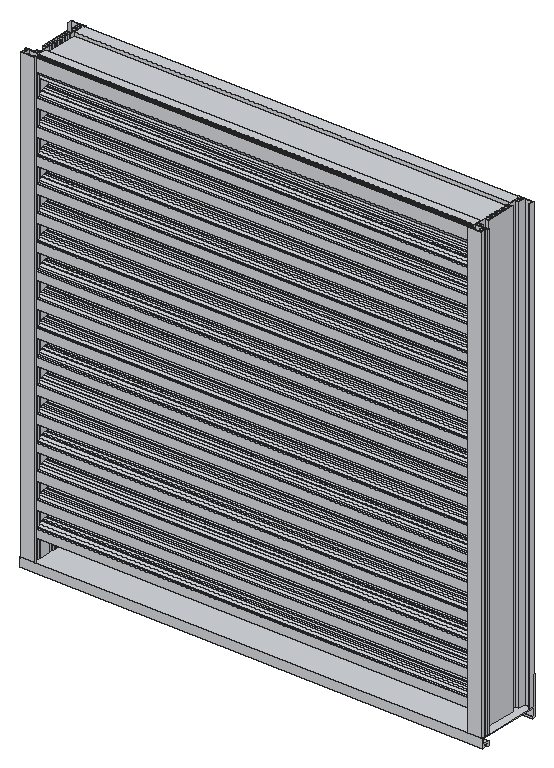
Revit family "XSD-130", category Mechanical Equipment, Revit 2015
Parameters
  URL = "http://unitedenertech.com/catalog/pdf/A_16a%20XSD-130.pdf"
  Type Comments = "Max. Single Section Size is (120\"w  x  84\"h) or (84\"h  x  120\"w)"
  Number of Blades [instance] = rounddown((Exact Height - 0' 2 1/4") / 0' 2")  # 16
  Model = "XSD-130"
  Manufacturer = "United Enertech Corporation"
  Exact Width = 3' - 0"
  Exact Height = 3' - 0"
  Description = "High Performance Sight Proof Fixed Louver"
  Depth = 0' - 5 3/32"
  Blade Spacing = 0' - 2"
  BW [instance] = Exact Width - 0' 2"  # 2' - 10"
Reference planes (in)
  plane 1 "Center (Front/Back)": y = 0
  plane 2: z = 0
  plane 3 "Center (Left/Right)": x = 0
  plane 4: x = -18
  plane 5: x = 18
  plane 6: z = 36
  plane 7: x = -16.9895
  plane 8: x = 16.9895
  plane 9: z = 0.75
  plane 10: y = 5.09375
  plane 11: z = 34.73736
Forms (in)
  Extrusion 1, solid
    sketch origin (-11.12298, -26.11113, 0) x (0, -1, 0) y (1, 0, 0)
      loop
        line (-31.08613, -5.73352) -> (-31.08613, -6.87702) -> (-30.73013, -6.87702) -> (-30.73013, -6.80202) -> (-31.00513, -6.80202) -> (-31.00513, -6.24052) -> (-30.47413, -6.24052) -> (-30.47413, -5.94152) -> (-29.86813, -5.94152) -> (-29.86813, -6.24052) -> (-27.55213, -6.24052) -> (-27.55213, -5.94152) -> (-26.94613, -5.94152) -> (-26.94613, -6.24052) -> (-26.69913, -6.24052) -> (-26.69913, -6.87702) -> (-26.61713, -6.87702) -> (-26.61713, -6.80802) -> (-26.55613, -6.80802) -> (-26.55613, -6.72702) -> (-26.61713, -6.72702) -> (-26.61713, -6.63902) -> (-26.22013, -6.63902) -> (-26.22013, -6.72702) -> (-26.33313, -6.72702) -> (-26.33313, -6.80802) -> (-26.11113, -6.80802) -> (-26.11113, -5.73352) -> (-26.19213, -5.73352) -> (-26.19213, -6.56402) -> (-26.62413, -6.56402) -> (-26.62413, -5.86652) -> (-26.69913, -5.86652) -> (-26.69913, -6.16552) -> (-26.87113, -6.16552) -> (-26.87113, -5.86652) -> (-27.62713, -5.86652) -> (-27.62713, -6.15702) -> (-27.80113, -6.15702) -> (-27.80113, -5.86652) -> (-27.87613, -5.86652) -> (-27.87613, -6.16552) -> (-28.05013, -6.16552) -> (-28.05013, -5.86652) -> (-28.12513, -5.86652) -> (-28.12513, -6.16552) -> (-28.29913, -6.16552) -> (-28.29913, -5.86652) -> (-28.37413, -5.86652) -> (-28.37413, -6.16552) -> (-28.54813, -6.16552) -> (-28.54813, -5.86652) -> (-28.62313, -5.86652) -> (-28.62313, -6.16552) -> (-28.79713, -6.16552) -> (-28.79713, -5.86652) -> (-28.87213, -5.86652) -> (-28.87213, -6.16552) -> (-29.04613, -6.16552) -> (-29.04613, -5.86652) -> (-29.12113, -5.86652) -> (-29.12113, -6.16552) -> (-29.29513, -6.16552) -> (-29.29513, -5.86652) -> (-29.37013, -5.86652) -> (-29.37013, -6.16552) -> (-29.54413, -6.16552) -> (-29.54413, -5.86652) -> (-29.61913, -5.86652) -> (-29.61913, -6.15702) -> (-29.79313, -6.15702) -> (-29.79313, -5.86652) -> (-30.54913, -5.86652) -> (-30.54913, -6.16552) -> (-30.73713, -6.16552) -> (-30.73713, -5.86652) -> (-30.81213, -5.86652) -> (-30.81213, -6.16552) -> (-31.00513, -6.16552) -> (-31.00513, -5.73352) -> (-31.08613, -5.73352)
    from 0.75 to 36
  Extrusion 2, solid
    sketch origin (11.12298, -26.11113, 0) x (0, -1, 0) y (1, 0, 0)
      loop
        line (-31.08613, 5.73352) -> (-31.00513, 5.73352) -> (-31.00513, 6.16552) -> (-30.81213, 6.16552) -> (-30.81213, 5.86652) -> (-30.73713, 5.86652) -> (-30.73713, 6.16552) -> (-30.54913, 6.16552) -> (-30.54913, 5.86652) -> (-29.79313, 5.86652) -> (-29.79313, 6.15702) -> (-29.61913, 6.15702) -> (-29.61913, 5.86652) -> (-29.54413, 5.86652) -> (-29.54413, 6.16552) -> (-29.37013, 6.16552) -> (-29.37013, 5.86652) -> (-29.29513, 5.86652) -> (-29.29513, 6.16552) -> (-29.12113, 6.16552) -> (-29.12113, 5.86652) -> (-29.04613, 5.86652) -> (-29.04613, 6.16552) -> (-28.87213, 6.16552) -> (-28.87213, 5.86652) -> (-28.79713, 5.86652) -> (-28.79713, 6.16552) -> (-28.62313, 6.16552) -> (-28.62313, 5.86652) -> (-28.54813, 5.86652) -> (-28.54813, 6.16552) -> (-28.37413, 6.16552) -> (-28.37413, 5.86652) -> (-28.29913, 5.86652) -> (-28.29913, 6.16552) -> (-28.12513, 6.16552) -> (-28.12513, 5.86652) -> (-28.05013, 5.86652) -> (-28.05013, 6.16552) -> (-27.87613, 6.16552) -> (-27.87613, 5.86652) -> (-27.80113, 5.86652) -> (-27.80113, 6.15702) -> (-27.62713, 6.15702) -> (-27.62713, 5.86652) -> (-26.87113, 5.86652) -> (-26.87113, 6.16552) -> (-26.69913, 6.16552) -> (-26.69913, 5.86652) -> (-26.62413, 5.86652) -> (-26.62413, 6.56402) -> (-26.19213, 6.56402) -> (-26.19213, 5.73352) -> (-26.11113, 5.73352) -> (-26.11113, 6.80802) -> (-26.33313, 6.80802) -> (-26.33313, 6.72702) -> (-26.22013, 6.72702) -> (-26.22013, 6.63902) -> (-26.61713, 6.63902) -> (-26.61713, 6.72702) -> (-26.55613, 6.72702) -> (-26.55613, 6.80802) -> (-26.61713, 6.80802) -> (-26.61713, 6.87702) -> (-26.69913, 6.87702) -> (-26.69913, 6.24052) -> (-26.94613, 6.24052) -> (-26.94613, 5.94152) -> (-27.55213, 5.94152) -> (-27.55213, 6.24052) -> (-29.86813, 6.24052) -> (-29.86813, 5.94152) -> (-30.47413, 5.94152) -> (-30.47413, 6.24052) -> (-31.00513, 6.24052) -> (-31.00513, 6.80202) -> (-30.73013, 6.80202) -> (-30.73013, 6.87702) -> (-31.08613, 6.87702) -> (-31.08613, 5.73352)
    from 0.75 to 36
  Extrusion 3, solid
    sketch origin (-64.83322, 49.38009, -14.59398) x (0, 1, 0) y (0, 0, 1)
      loop
        line (-48.79809, 14.59398) -> (-48.79809, 14.91398) -> (-49.29809, 14.91398) -> (-49.29809, 15.26198) -> (-44.36834, 15.26198) -> (-44.36834, 14.67598) -> (-44.47384, 14.67598) -> (-44.47384, 14.59398) -> (-44.28634, 14.59398) -> (-44.28634, 17.59398) -> (-44.36834, 17.59398) -> (-44.36834, 15.34398) -> (-49.38009, 15.34398) -> (-49.38009, 14.66298) -> (-49.16409, 14.66298) -> (-49.16409, 14.74398) -> (-49.27709, 14.74398) -> (-49.27709, 14.83198) -> (-48.88009, 14.83198) -> (-48.88009, 14.74398) -> (-48.94109, 14.74398) -> (-48.94109, 14.66298) -> (-48.88009, 14.66298) -> (-48.88009, 14.59398) -> (-48.79809, 14.59398)
    from 46.83322 to 82.83322
  Extrusion 4, solid
    sketch origin (0, 9.27405, -8.46268) x (0, 1, 0) y (0, 0, 1)
      loop
        line (-4.47801, 42.63699) -> (-4.39505, 42.63699) -> (-4.39505, 44.46268) -> (-5.26905, 44.46268) -> (-5.26905, 44.18996) -> (-8.11105, 44.18996) -> (-8.11105, 44.46268) -> (-8.75206, 44.46268) -> (-8.75206, 44.39368) -> (-8.81306, 44.39368) -> (-8.81306, 44.31268) -> (-8.75206, 44.31268) -> (-8.75206, 44.22468) -> (-9.09005, 44.22468) -> (-9.09005, 44.31268) -> (-9.03606, 44.31268) -> (-9.03606, 44.39368) -> (-9.16505, 44.39368) -> (-9.16505, 43.46268) -> (-8.6071, 42.90474) -> (-8.66983, 42.73129) -> (-8.5993, 42.70578) -> (-8.52036, 42.92406) -> (-9.09005, 43.49375) -> (-9.09005, 44.14968) -> (-8.67206, 44.14968) -> (-8.67206, 44.38768) -> (-8.19105, 44.38768) -> (-8.19105, 44.11496) -> (-7.91954, 44.11496) -> (-7.91954, 43.21911) -> (-7.84454, 43.21911) -> (-7.84454, 44.11496) -> (-5.80007, 44.11496) -> (-5.80007, 43.99604) -> (-5.86712, 44.02909) -> (-5.89497, 43.97258) -> (-5.73707, 43.89476) -> (-5.73707, 44.11496) -> (-5.18905, 44.11496) -> (-5.18905, 44.38768) -> (-4.47605, 44.38768) -> (-4.47801, 42.63699)
    from -16.9895 to 16.9895
Dimensions and locks (in)
  equal spacing: plane 4, plane 3 "Center (Left/Right)", plane 5
  "Exact Width": plane 4 to plane 5
  "Exact Height": plane 6 to level
  locked: plane 4 to plane 7 at 1.0105
  locked: plane 8 to plane 5 at 1.0105
  locked: plane 9 to level at 0.75
  "Depth": plane 1 "Center (Front/Back)" to plane 10
  locked: plane 6 to plane 11 at 1.26264
  equal spacing: group 1, group 2, group 3, group 4, group 5, group 6, group 7, group 8, group 9, group 10, group 11, group 12, group 13, group 14, group 15, group 16  (x2)
  equal spacing: group 16, group 15, group 14, group 13, group 12, group 11, group 10, group 9, group 8, group 7, group 6, group 5, group 4, group 3, group 2, group 1
  "Blade Spacing": nested 2 to nested 1
  aligned and locked: level to plane 2
  aligned and locked: Extrusion 1 to plane 4
  aligned and locked: Extrusion 2 to plane 5
  aligned and locked: Extrusion 3 to plane 5
  aligned and locked: Extrusion 3 to plane 4
  aligned and locked: Extrusion 3 to level
  aligned and locked: Extrusion 1 to plane 9
  aligned and locked: Extrusion 2 to plane 9
  aligned and locked: plane 6 to Extrusion 1
  aligned and locked: plane 6 to Extrusion 2
  aligned and locked: plane 7 to Extrusion 4
  aligned and locked: Extrusion 4 to plane 8
  aligned and locked: plane 3 "Center (Left/Right)" to nested 1
  aligned and locked: plane 11 to nested 1
Automatic sketch dimensions
  Extrusion 1 sketch curve to plane 4 = 0' - 0"  (x2)
  plane 1 "Center (Front/Back)" to Extrusion 1 sketch curve = 0' - 0"
  Extrusion 1 sketch curve to plane 1 "Center (Front/Back)" = 0' - 0.081"
  Extrusion 1 sketch curve to Extrusion 1 sketch curve = 0' - 0.028"
  Extrusion 1 sketch curve to Extrusion 1 sketch curve = 0' - 0.113"
  Extrusion 1 sketch curve to Extrusion 1 sketch curve = 0' - 0.223"
  Extrusion 1 sketch curve to Extrusion 1 sketch curve = 0' - 0.061"  (x2)
  Extrusion 1 sketch curve to Extrusion 1 sketch curve = 0' - 0.432"
  Extrusion 1 sketch curve to Extrusion 1 sketch curve = 0' - 0.075"  (x20)
  Extrusion 1 sketch curve to Extrusion 1 sketch curve = 0' - 0.082"
  Extrusion 1 sketch curve to Extrusion 1 sketch curve = 0' - 0.172"
  Extrusion 1 sketch curve to Extrusion 1 sketch curve = 0' - 0.606"  (x2)
  Extrusion 1 sketch curve to Extrusion 1 sketch curve = 0' - 0.174"  (x9)
  plane 4 to Extrusion 1 sketch curve = 0' - 0.075"
  Extrusion 1 sketch curve to Extrusion 1 sketch curve = 0' - 0.256"
  Extrusion 1 sketch curve to Extrusion 1 sketch curve = 0' - 0.188"
  Extrusion 1 sketch curve to Extrusion 1 sketch curve = 0' - 0.193"  (x2)
  Extrusion 1 sketch curve to Extrusion 1 sketch curve = 0' - 0.081"  (x3)
  plane 4 to Extrusion 1 sketch curve = 0' - 0.069"  (x2)
  Extrusion 1 sketch curve to Extrusion 1 sketch curve = 0' - 0.088"
  Extrusion 1 sketch curve to Extrusion 1 sketch curve = 0' - 0.5615"
  Extrusion 1 sketch curve to Extrusion 1 sketch curve = 0' - 0.3235"
  Extrusion 1 sketch curve to Extrusion 1 sketch curve = 0' - 0"  (x15)
  Extrusion 1 sketch curve to Extrusion 1 sketch curve = 0' - 0.0085"  (x2)
  Extrusion 1 sketch curve to Extrusion 1 sketch curve = 0' - 0.224"
  Extrusion 1 sketch curve to Extrusion 1 sketch curve = 0' - 0.2155"
  Extrusion 1 sketch curve to Extrusion 1 sketch curve = 0' - 0.299"  (x3)
  Extrusion 1 sketch curve to Extrusion 1 sketch curve = 0' - 0.133"  (x2)
  Extrusion 2 sketch curve to plane 5 = 0' - 0"  (x2)
  plane 1 "Center (Front/Back)" to Extrusion 2 sketch curve = 0' - 0"
  plane 1 "Center (Front/Back)" to Extrusion 2 sketch curve = 0' - 0.081"
  Extrusion 2 sketch curve to Extrusion 2 sketch curve = 0' - 0.028"
  Extrusion 2 sketch curve to Extrusion 2 sketch curve = 0' - 0.113"
  Extrusion 2 sketch curve to Extrusion 2 sketch curve = 0' - 0.223"
  Extrusion 2 sketch curve to Extrusion 2 sketch curve = 0' - 0.061"  (x2)
  Extrusion 2 sketch curve to Extrusion 2 sketch curve = 0' - 0.432"
  Extrusion 2 sketch curve to Extrusion 2 sketch curve = 0' - 0.075"  (x20)
  Extrusion 2 sketch curve to Extrusion 2 sketch curve = 0' - 0.082"
  Extrusion 2 sketch curve to Extrusion 2 sketch curve = 0' - 0.172"
  Extrusion 2 sketch curve to Extrusion 2 sketch curve = 0' - 0.606"  (x2)
  Extrusion 2 sketch curve to Extrusion 2 sketch curve = 0' - 0.174"  (x9)
  Extrusion 2 sketch curve to plane 5 = 0' - 0.075"
  Extrusion 2 sketch curve to Extrusion 2 sketch curve = 0' - 0.256"
  Extrusion 2 sketch curve to Extrusion 2 sketch curve = 0' - 0.188"
  Extrusion 2 sketch curve to Extrusion 2 sketch curve = 0' - 0.193"  (x2)
  Extrusion 2 sketch curve to Extrusion 2 sketch curve = 0' - 0.081"  (x3)
  Extrusion 2 sketch curve to Extrusion 2 sketch curve = 0' - 0.069"
  Extrusion 2 sketch curve to plane 5 = 0' - 0.069"
  Extrusion 2 sketch curve to Extrusion 2 sketch curve = 0' - 0.088"
  Extrusion 2 sketch curve to Extrusion 2 sketch curve = 0' - 0.5615"
  Extrusion 2 sketch curve to Extrusion 2 sketch curve = 0' - 0.3235"
  Extrusion 2 sketch curve to Extrusion 2 sketch curve = 0' - 0"  (x15)
  Extrusion 2 sketch curve to Extrusion 2 sketch curve = 0' - 0.0085"  (x2)
  Extrusion 2 sketch curve to Extrusion 2 sketch curve = 0' - 0.224"
  Extrusion 2 sketch curve to Extrusion 2 sketch curve = 0' - 0.2155"
  Extrusion 2 sketch curve to Extrusion 2 sketch curve = 0' - 0.299"  (x3)
  Extrusion 2 sketch curve to Extrusion 2 sketch curve = 0' - 0.133"  (x2)
  Extrusion 3 sketch curve to plane 1 "Center (Front/Back)" = 0' - 0"
  Extrusion 3 sketch curve to Extrusion 3 sketch curve = 0' - 0.082"  (x6)
  Extrusion 3 sketch curve to Extrusion 3 sketch curve = 0' - 0.021"
  Extrusion 3 sketch curve to Extrusion 3 sketch curve = 0' - 0.113"
  Extrusion 3 sketch curve to Extrusion 3 sketch curve = 0' - 0.223"
  Extrusion 3 sketch curve to Extrusion 3 sketch curve = 0' - 0.061"  (x2)
  Extrusion 3 sketch curve to Extrusion 3 sketch curve = 0' - 4.32425"
  Extrusion 3 sketch curve to Extrusion 3 sketch curve = 0' - 0.1055"  (x2)
  level to Extrusion 3 sketch curve = 0' - 0"
  Extrusion 3 sketch curve to Extrusion 3 sketch curve = 0' - 0"  (x2)
  Extrusion 3 sketch curve to Extrusion 3 sketch curve = 0' - 0.069"
  Extrusion 3 sketch curve to Extrusion 3 sketch curve = 0' - 0.081"  (x2)
  Extrusion 3 sketch curve to Extrusion 3 sketch curve = 0' - 0.088"
  Extrusion 3 sketch curve to Extrusion 3 sketch curve = 0' - 0.586"
  Extrusion 3 sketch curve to Extrusion 3 sketch curve = 0' - 2 1/4"
  Extrusion 4 sketch curve to plane 1 "Center (Front/Back)" = 0' - 4.79604"
  Extrusion 4 sketch curve to plane 6 = 0' - 1.82569"
  Extrusion 4 sketch curve to Extrusion 4 sketch curve = 0' - 0.00196"
  Extrusion 4 sketch curve to Extrusion 4 sketch curve = 0' - 0.08296"
  Extrusion 4 sketch curve to Extrusion 4 sketch curve = 0' - 1.75069"
  Extrusion 4 sketch curve to Extrusion 4 sketch curve = 0' - 0.075"  (x7)
  Extrusion 4 sketch curve to Extrusion 4 sketch curve = 0' - 0.793"
  Extrusion 4 sketch curve to Extrusion 4 sketch curve = 0' - 0.08"  (x3)
  Extrusion 4 sketch curve to Extrusion 4 sketch curve = 0' - 0.27272"
  Extrusion 4 sketch curve to Extrusion 4 sketch curve = 0' - 0.46802"
  Extrusion 4 sketch curve to Extrusion 4 sketch curve = 0' - 2.37398"
  Extrusion 4 sketch curve to Extrusion 4 sketch curve = 0' - 0.14238"
  Extrusion 4 sketch curve to Extrusion 4 sketch curve = 0' - 0.26651"
  Extrusion 4 sketch curve to Extrusion 4 sketch curve = 0' - 0.02785"
  Extrusion 4 sketch curve to Extrusion 4 sketch curve = 0' - 0.063"
  Extrusion 4 sketch curve to Extrusion 4 sketch curve = 0' - 0.07782"
  Extrusion 4 sketch curve to Extrusion 4 sketch curve = 0' - 0.06705"
  Extrusion 4 sketch curve to Extrusion 4 sketch curve = 0' - 0.48825"
  Extrusion 4 sketch curve to Extrusion 4 sketch curve = 0' - 1.48418"
  Extrusion 4 sketch curve to Extrusion 4 sketch curve = 0' - 0.07894"
  Extrusion 4 sketch curve to plane 6 = 0' - 1.73139"
  Extrusion 4 sketch curve to Extrusion 4 sketch curve = 0' - 0.07053"
  Extrusion 4 sketch curve to plane 6 = 0' - 1.55794"
  Extrusion 4 sketch curve to Extrusion 4 sketch curve = 0' - 0.55794"  (x2)
  Extrusion 4 sketch curve to Extrusion 4 sketch curve = 0' - 0.03107"
  Extrusion 4 sketch curve to Extrusion 4 sketch curve = 0' - 0.29505"
  Extrusion 4 sketch curve to Extrusion 4 sketch curve = 0' - 0"  (x2)
  Extrusion 4 sketch curve to Extrusion 4 sketch curve = 0' - 0.19772"
  Extrusion 4 sketch curve to Extrusion 4 sketch curve = 0' - 0.48101"
  Extrusion 4 sketch curve to Extrusion 4 sketch curve = 0' - 0.313"
  Extrusion 4 sketch curve to Extrusion 4 sketch curve = 0' - 0.244"
  Extrusion 4 sketch curve to Extrusion 4 sketch curve = 0' - 0.069"
  Extrusion 4 sketch curve to Extrusion 4 sketch curve = 0' - 0.12899"
  Extrusion 4 sketch curve to Extrusion 4 sketch curve = 0' - 0.081"  (x2)
  Extrusion 4 sketch curve to Extrusion 4 sketch curve = 0' - 0.05399"
  Extrusion 4 sketch curve to Extrusion 4 sketch curve = 0' - 0.061"
Nested families (in)
  nested 1: "XSD Blade 3" at (0, -1.87932, 27.58705), type "XSD Blade 3"
    with Blade Width 2' - 10"
  nested 2: "XSD Blade 3" at (0, -1.87932, 25.58705), type "XSD Blade 3"
    with Blade Width 2' - 10"
  nested 3: "XSD Blade 3" at (0, -1.87932, 23.58705), type "XSD Blade 3"
    with Blade Width 2' - 10"
  nested 4: "XSD Blade 3" at (0, -1.87932, 21.58705), type "XSD Blade 3"
    with Blade Width 2' - 10"
  nested 5: "XSD Blade 3" at (0, -1.87932, 19.58705), type "XSD Blade 3"
    with Blade Width 2' - 10"
  nested 6: "XSD Blade 3" at (0, -1.87932, 17.58705), type "XSD Blade 3"
    with Blade Width 2' - 10"
  nested 7: "XSD Blade 3" at (0, -1.87932, 15.58705), type "XSD Blade 3"
    with Blade Width 2' - 10"
  nested 8: "XSD Blade 3" at (0, -1.87932, 13.58705), type "XSD Blade 3"
    with Blade Width 2' - 10"
  nested 9: "XSD Blade 3" at (0, -1.87932, 11.58705), type "XSD Blade 3"
    with Blade Width 2' - 10"
  nested 10: "XSD Blade 3" at (0, -1.87932, 9.58705), type "XSD Blade 3"
    with Blade Width 2' - 10"
  nested 11: "XSD Blade 3" at (0, -1.87932, 7.58705), type "XSD Blade 3"
    with Blade Width 2' - 10"
  nested 12: "XSD Blade 3" at (0, -1.87932, 5.58705), type "XSD Blade 3"
    with Blade Width 2' - 10"
  nested 13: "XSD Blade 3" at (0, -1.87932, 3.58705), type "XSD Blade 3"
    with Blade Width 2' - 10"
  nested 14: "XSD Blade 3" at (0, -1.87932, 1.58705), type "XSD Blade 3"
    with Blade Width 2' - 10"
  nested 15: "XSD Blade 3" at (0, -1.87932, -0.41295), type "XSD Blade 3"
    with Blade Width 2' - 10"
  nested 16: "XSD Blade 3" at (0, -1.87932, -2.41295), type "XSD Blade 3"
    with Blade Width 2' - 10"
Definition of nested family "XSD Blade 3"
  Parameters (values of type "XSD Blade 3")
    Blade Width = 2' - 0"
  Reference planes (in)
    plane 1 "Center (Front/Back)": y = 0
    plane 2: z = 0
    plane 3 "Center (Left/Right)": x = 0
    plane 4: x = -12
    plane 5: x = 12
  Forms (in)
    Extrusion 1, solid
      sketch origin (12.37093, 10.73405, 1.63688) x (0, -1, 0) y (0, 0, 1)
        loop
          line (4.43405, 3.43696) -> (4.40251, 3.49159) -> (4.05913, 3.31583) -> (4.05913, 3.72106) -> (4.21259, 3.72106) -> (4.29849, 3.72106) -> (4.38741, 3.72366) -> (4.46035, 3.73899) -> (4.53122, 3.76806) -> (4.58814, 3.80395) -> (4.64432, 3.85473) -> (4.68433, 3.90557) -> (4.72208, 3.97591) -> (4.73529, 4.01067) -> (4.75213, 4.17406) -> (4.76036, 4.20894) -> (4.78935, 4.24055) -> (4.85236, 4.27919) -> (4.94081, 4.33929) -> (5.06511, 4.42566) -> (5.21233, 4.54359) -> (5.26587, 4.59128) -> (5.29235, 4.6085) -> (5.33266, 4.62557) -> (5.37035, 4.63799) -> (5.41794, 4.64918) -> (5.4582, 4.65497) -> (5.51026, 4.65765) -> (5.55896, 4.65531) -> (5.59744, 4.65304) -> (5.63726, 4.65672) -> (5.72245, 4.72027) -> (5.77382, 4.7568) -> (5.84985, 4.79574) -> (5.91554, 4.81768) -> (5.98066, 4.83022) -> (6.04009, 4.83423) -> (6.10966, 4.83015) -> (6.19037, 4.8132) -> (6.27914, 4.77766) -> (6.32596, 4.75363) -> (6.48398, 4.66259) -> (6.65238, 4.53892) -> (6.86688, 4.40789) -> (7.09272, 4.29729) -> (7.3384, 4.20472) -> (7.51712, 4.15382) -> (7.59027, 4.14078) -> (7.85494, 4.10793) -> (7.95641, 4.08328) -> (8.01991, 4.05396) -> (8.07108, 4.02055) -> (8.17591, 3.89658) -> (8.74573, 3.22271) -> (8.74573, 3.90149) -> (8.68273, 3.90149) -> (8.68273, 3.39473) -> (8.60224, 3.48988) -> (8.48826, 3.62463) -> (8.34137, 3.79828) -> (8.22078, 3.94083) -> (8.11547, 4.0584) -> (8.02272, 4.12102) -> (7.89752, 4.1648) -> (7.66639, 4.19034) -> (7.55103, 4.21039) -> (7.3958, 4.25272) -> (7.24537, 4.30371) -> (7.09408, 4.3655) -> (6.95763, 4.43096) -> (6.83797, 4.49661) -> (6.71906, 4.57019) -> (6.59904, 4.65377) -> (6.47127, 4.75197) -> (6.36467, 4.81672) -> (6.26789, 4.86486) -> (6.15455, 4.90444) -> (6.08966, 4.91558) -> (6.0199, 4.919) -> (5.95506, 4.91437) -> (5.89699, 4.90368) -> (5.84368, 4.8881) -> (5.77905, 4.86106) -> (5.71589, 4.82457) -> (5.67156, 4.79169) -> (5.6341, 4.76507) -> (5.58943, 4.74823) -> (5.54783, 4.74343) -> (5.50888, 4.74751) -> (5.48083, 4.76389) -> (5.46478, 4.79206) -> (5.60033, 4.9841) -> (5.72185, 5.17334) -> (5.78647, 5.28136) -> (5.87524, 5.36343) -> (5.98637, 5.42212) -> (6.0874, 5.4472) -> (6.22034, 5.44628) -> (6.31769, 5.42106) -> (6.43825, 5.35439) -> (6.51962, 5.27542) -> (6.56717, 5.20452) -> (6.58026, 5.17095) -> (6.64084, 5.19105) -> (6.62573, 5.22795) -> (6.58291, 5.29631) -> (6.49379, 5.39075) -> (6.36916, 5.46814) -> (6.18325, 5.51343) -> (6.08872, 5.51343) -> (5.95893, 5.47866) -> (5.81427, 5.39514) -> (5.70998, 5.28254) -> (5.63669, 5.1557) -> (5.55643, 5.03436) -> (5.52075, 5.0818) -> (5.52075, 5.142) -> (5.45803, 5.15561) -> (5.45367, 5.08124) -> (5.47763, 5.01541) -> (5.50392, 4.96279) -> (5.40715, 4.84385) -> (5.1659, 4.6026) -> (4.84242, 4.3659) -> (4.75013, 4.31262) -> (4.69156, 4.25406) -> (4.67013, 4.17406) -> (4.67898, 4.12156) -> (4.66771, 4.04829) -> (4.57949, 3.89549) -> (4.48758, 3.83002) -> (4.36083, 3.79606) -> (4.06578, 3.79606) -> (4.0842, 3.9005) -> (4.1413, 3.97924) -> (4.0994, 4.02113) -> (4.01935, 3.91032) -> (3.99613, 3.7996) -> (3.99613, 3.21281) -> (4.43405, 3.43696)
      from 0.37093 to 24.37093
  Dimensions and locks (in)
    equal spacing: plane 4, plane 3 "Center (Left/Right)", plane 5
    "Blade Width": plane 4 to plane 5
    aligned and locked: level to plane 2
    aligned and locked: plane 4 to Extrusion 1
    aligned and locked: plane 5 to Extrusion 1
  Automatic sketch dimensions
    Extrusion 1 sketch curve to plane 1 "Center (Front/Back)" = 0' - 6.73793"
    Extrusion 1 sketch curve to Extrusion 1 sketch curve = 0' - 0.02323"
    Extrusion 1 sketch curve to Extrusion 1 sketch curve = 0' - 0.063"  (x2)
    Extrusion 1 sketch curve to Extrusion 1 sketch curve = 0' - 0.06966"
    Extrusion 1 sketch curve to Extrusion 1 sketch curve = 0' - 0.06485"
    Extrusion 1 sketch curve to Extrusion 1 sketch curve = 0' - 0.01521"
    Extrusion 1 sketch curve to Extrusion 1 sketch curve = 0' - 0.04189"  (x2)
    Extrusion 1 sketch curve to Extrusion 1 sketch curve = 0' - 0.15346"
    Extrusion 1 sketch curve to Extrusion 1 sketch curve = 0' - 0.0859"
    Extrusion 1 sketch curve to Extrusion 1 sketch curve = 0' - 0.06234"
    Extrusion 1 sketch curve to Extrusion 1 sketch curve = 0' - 0.02658"
    Extrusion 1 sketch curve to Extrusion 1 sketch curve = 0' - 0.01511"  (x2)
    Extrusion 1 sketch curve to Extrusion 1 sketch curve = 0' - 0.03154"
    Extrusion 1 sketch curve to Extrusion 1 sketch curve = 0' - 0.07294"
    Extrusion 1 sketch curve to Extrusion 1 sketch curve = 0' - 0.02722"
    Extrusion 1 sketch curve to Extrusion 1 sketch curve = 0' - 0.04365"
    Extrusion 1 sketch curve to Extrusion 1 sketch curve = 0' - 0.09192"
    Extrusion 1 sketch curve to Extrusion 1 sketch curve = 0' - 0.05692"
    Extrusion 1 sketch curve to Extrusion 1 sketch curve = 0' - 0.05618"
    Extrusion 1 sketch curve to Extrusion 1 sketch curve = 0' - 0.08822"
    Extrusion 1 sketch curve to Extrusion 1 sketch curve = 0' - 0.00241"
    Extrusion 1 sketch curve to Extrusion 1 sketch curve = 0' - 0.00886"
    Extrusion 1 sketch curve to Extrusion 1 sketch curve = 0' - 0.04"
    Extrusion 1 sketch curve to Extrusion 1 sketch curve = 0' - 0.02144"
    Extrusion 1 sketch curve to Extrusion 1 sketch curve = 0' - 0.03775"
    Extrusion 1 sketch curve to Extrusion 1 sketch curve = 0' - 0.01321"
    Extrusion 1 sketch curve to Extrusion 1 sketch curve = 0' - 0.05856"  (x2)
    Extrusion 1 sketch curve to Extrusion 1 sketch curve = 0' - 0.082"
    Extrusion 1 sketch curve to Extrusion 1 sketch curve = 0' - 0.00824"
    Extrusion 1 sketch curve to Extrusion 1 sketch curve = 0' - 0.02898"
    Extrusion 1 sketch curve to Extrusion 1 sketch curve = 0' - 0.09229"
    Extrusion 1 sketch curve to Extrusion 1 sketch curve = 0' - 0.06301"
    Extrusion 1 sketch curve to Extrusion 1 sketch curve = 0' - 0.0984"
    Extrusion 1 sketch curve to Extrusion 1 sketch curve = 0' - 0.1243"
    Extrusion 1 sketch curve to Extrusion 1 sketch curve = 0' - 0.10078"
    Extrusion 1 sketch curve to Extrusion 1 sketch curve = 0' - 0.04643"
    Extrusion 1 sketch curve to Extrusion 1 sketch curve = 0' - 0.05354"
    Extrusion 1 sketch curve to Extrusion 1 sketch curve = 0' - 0.02649"
    Extrusion 1 sketch curve to Extrusion 1 sketch curve = 0' - 0.04031"
    Extrusion 1 sketch curve to Extrusion 1 sketch curve = 0' - 0.03769"
    Extrusion 1 sketch curve to Extrusion 1 sketch curve = 0' - 0.0368"
    Extrusion 1 sketch curve to Extrusion 1 sketch curve = 0' - 0.04758"
    Extrusion 1 sketch curve to Extrusion 1 sketch curve = 0' - 0.04652"
    Extrusion 1 sketch curve to Extrusion 1 sketch curve = 0' - 0.00436"
    Extrusion 1 sketch curve to Extrusion 1 sketch curve = 0' - 0.04026"
    Extrusion 1 sketch curve to Extrusion 1 sketch curve = 0' - 0.05762"
    Extrusion 1 sketch curve to Extrusion 1 sketch curve = 0' - 0.02396"
    Extrusion 1 sketch curve to Extrusion 1 sketch curve = 0' - 0.01606"
    Extrusion 1 sketch curve to Extrusion 1 sketch curve = 0' - 0.02629"
    Extrusion 1 sketch curve to Extrusion 1 sketch curve = 0' - 0.02805"
    Extrusion 1 sketch curve to Extrusion 1 sketch curve = 0' - 0.05206"
    Extrusion 1 sketch curve to Extrusion 1 sketch curve = 0' - 0.06708"
    Extrusion 1 sketch curve to Extrusion 1 sketch curve = 0' - 0.03895"
    Extrusion 1 sketch curve to Extrusion 1 sketch curve = 0' - 0.03568"
    Extrusion 1 sketch curve to Extrusion 1 sketch curve = 0' - 0.0487"
    Extrusion 1 sketch curve to Extrusion 1 sketch curve = 0' - 0.0416"
    Extrusion 1 sketch curve to Extrusion 1 sketch curve = 0' - 0.03848"
    Extrusion 1 sketch curve to Extrusion 1 sketch curve = 0' - 0.0439"
    Extrusion 1 sketch curve to Extrusion 1 sketch curve = 0' - 0.04467"
    Extrusion 1 sketch curve to Extrusion 1 sketch curve = 0' - 0.11594"
    Extrusion 1 sketch curve to Extrusion 1 sketch curve = 0' - 0.03982"
    Extrusion 1 sketch curve to Extrusion 1 sketch curve = 0' - 0.03746"
    Extrusion 1 sketch curve to Extrusion 1 sketch curve = 0' - 0.07329"
    Extrusion 1 sketch curve to Extrusion 1 sketch curve = 0' - 0.04433"
    Extrusion 1 sketch curve to Extrusion 1 sketch curve = 0' - 0.08516"
    Extrusion 1 sketch curve to Extrusion 1 sketch curve = 0' - 0.05088"
    Extrusion 1 sketch curve to Extrusion 1 sketch curve = 0' - 0.05137"
    Extrusion 1 sketch curve to Extrusion 1 sketch curve = 0' - 0.06316"
    Extrusion 1 sketch curve to Extrusion 1 sketch curve = 0' - 0.07649"
    Extrusion 1 sketch curve to Extrusion 1 sketch curve = 0' - 0.0278"
    Extrusion 1 sketch curve to Extrusion 1 sketch curve = 0' - 0.06463"
    Extrusion 1 sketch curve to Extrusion 1 sketch curve = 0' - 0.07603"
    Extrusion 1 sketch curve to Extrusion 1 sketch curve = 0' - 0.06096"
    Extrusion 1 sketch curve to Extrusion 1 sketch curve = 0' - 0.05331"
    Extrusion 1 sketch curve to Extrusion 1 sketch curve = 0' - 0.06569"
    Extrusion 1 sketch curve to Extrusion 1 sketch curve = 0' - 0.05808"
    Extrusion 1 sketch curve to Extrusion 1 sketch curve = 0' - 0.08369"
    Extrusion 1 sketch curve to Extrusion 1 sketch curve = 0' - 0.06512"
    Extrusion 1 sketch curve to Extrusion 1 sketch curve = 0' - 0.02743"
    Extrusion 1 sketch curve to Extrusion 1 sketch curve = 0' - 0.06484"
    Extrusion 1 sketch curve to Extrusion 1 sketch curve = 0' - 0.05943"
    Extrusion 1 sketch curve to Extrusion 1 sketch curve = 0' - 0.10103"
    Extrusion 1 sketch curve to Extrusion 1 sketch curve = 0' - 0.06976"
    Extrusion 1 sketch curve to Extrusion 1 sketch curve = 0' - 0.06956"
    Extrusion 1 sketch curve to Extrusion 1 sketch curve = 0' - 0.06489"
    Extrusion 1 sketch curve to Extrusion 1 sketch curve = 0' - 0.09585"
    Extrusion 1 sketch curve to Extrusion 1 sketch curve = 0' - 0.08071"
    Extrusion 1 sketch curve to Extrusion 1 sketch curve = 0' - 0.0371"
    Extrusion 1 sketch curve to Extrusion 1 sketch curve = 0' - 0.07752"
    Extrusion 1 sketch curve to Extrusion 1 sketch curve = 0' - 0.01125"
    Extrusion 1 sketch curve to Extrusion 1 sketch curve = 0' - 0.09735"
    Extrusion 1 sketch curve to Extrusion 1 sketch curve = 0' - 0.04682"
    Extrusion 1 sketch curve to Extrusion 1 sketch curve = 0' - 0.03871"
    Extrusion 1 sketch curve to Extrusion 1 sketch curve = 0' - 0.05146"
    Extrusion 1 sketch curve to Extrusion 1 sketch curve = 0' - 0.06909"
    Extrusion 1 sketch curve to Extrusion 1 sketch curve = 0' - 0.1066"
    Extrusion 1 sketch curve to Extrusion 1 sketch curve = 0' - 0.01271"
    Extrusion 1 sketch curve to Extrusion 1 sketch curve = 0' - 0.05554"
    Extrusion 1 sketch curve to Extrusion 1 sketch curve = 0' - 0.08137"
    Extrusion 1 sketch curve to Extrusion 1 sketch curve = 0' - 0.04755"
    Extrusion 1 sketch curve to Extrusion 1 sketch curve = 0' - 0.01309"
    Extrusion 1 sketch curve to Extrusion 1 sketch curve = 0' - 0.06329"
    Extrusion 1 sketch curve to Extrusion 1 sketch curve = 0' - 0.11505"
    Extrusion 1 sketch curve to Extrusion 1 sketch curve = 0' - 0.05334"
    Extrusion 1 sketch curve to Extrusion 1 sketch curve = 0' - 0.06668"
    Extrusion 1 sketch curve to Extrusion 1 sketch curve = 0' - 0.11891"
    Extrusion 1 sketch curve to Extrusion 1 sketch curve = 0' - 0.02891"
    Extrusion 1 sketch curve to Extrusion 1 sketch curve = 0' - 0.09075"
    Extrusion 1 sketch curve to Extrusion 1 sketch curve = 0' - 0.13508"
    Extrusion 1 sketch curve to Extrusion 1 sketch curve = 0' - 0.00136"
    Extrusion 1 sketch curve to Extrusion 1 sketch curve = 0' - 0.15265"
    Extrusion 1 sketch curve to Extrusion 1 sketch curve = 0' - 0.09304"
    Extrusion 1 sketch curve to Extrusion 1 sketch curve = 0' - 0.0574"
    Extrusion 1 sketch curve to Extrusion 1 sketch curve = 0' - 0.12132"
    Extrusion 1 sketch curve to Extrusion 1 sketch curve = 0' - 0.03391"
    Extrusion 1 sketch curve to Extrusion 1 sketch curve = 0' - 0.07315"
    Extrusion 1 sketch curve to Extrusion 1 sketch curve = 0' - 0.07612"
    Extrusion 1 sketch curve to Extrusion 1 sketch curve = 0' - 0.18855"
    Extrusion 1 sketch curve to Extrusion 1 sketch curve = 0' - 0.04258"
    Extrusion 1 sketch curve to Extrusion 1 sketch curve = 0' - 0.05889"
    Extrusion 1 sketch curve to Extrusion 1 sketch curve = 0' - 0.0635"
    Extrusion 1 sketch curve to Extrusion 1 sketch curve = 0' - 0.00281"
    Extrusion 1 sketch curve to Extrusion 1 sketch curve = 0' - 0.05117"
    Extrusion 1 sketch curve to Extrusion 1 sketch curve = 0' - 0.04439"
    Extrusion 1 sketch curve to Extrusion 1 sketch curve = 0' - 0.10483"
    Extrusion 1 sketch curve to Extrusion 1 sketch curve = 0' - 0.04487"
    Extrusion 1 sketch curve to Extrusion 1 sketch curve = 0' - 0.12058"
    Extrusion 1 sketch curve to Extrusion 1 sketch curve = 0' - 0.14689"
    Extrusion 1 sketch curve to Extrusion 1 sketch curve = 0' - 0.11398"
    Extrusion 1 sketch curve to Extrusion 1 sketch curve = 0' - 0.08049"
    level to Extrusion 1 sketch curve = 0' - 4.84969"
    Extrusion 1 sketch curve to Extrusion 1 sketch curve = 0' - 0.00989"
    Extrusion 1 sketch curve to Extrusion 1 sketch curve = 0' - 0.10302"
    Extrusion 1 sketch curve to Extrusion 1 sketch curve = 0' - 0.17202"
    Extrusion 1 sketch curve to Extrusion 1 sketch curve = 0' - 0.12113"
    Extrusion 1 sketch curve to Extrusion 1 sketch curve = 0' - 0.09515"
    Extrusion 1 sketch curve to Extrusion 1 sketch curve = 0' - 0.05463"
    Extrusion 1 sketch curve to Extrusion 1 sketch curve = 0' - 0.13475"
    Extrusion 1 sketch curve to Extrusion 1 sketch curve = 0' - 0.22947"
    Extrusion 1 sketch curve to Extrusion 1 sketch curve = 0' - 0.0026"
    Extrusion 1 sketch curve to Extrusion 1 sketch curve = 0' - 0.01533"
    Extrusion 1 sketch curve to Extrusion 1 sketch curve = 0' - 0.02907"
    Extrusion 1 sketch curve to Extrusion 1 sketch curve = 0' - 0.0724"
    Extrusion 1 sketch curve to Extrusion 1 sketch curve = 0' - 0.17365"
    Extrusion 1 sketch curve to Extrusion 1 sketch curve = 0' - 0.00353"
    Extrusion 1 sketch curve to Extrusion 1 sketch curve = 0' - 0.03589"
    Extrusion 1 sketch curve to Extrusion 1 sketch curve = 0' - 0.06196"
    Extrusion 1 sketch curve to Extrusion 1 sketch curve = 0' - 0 13/256"
    Extrusion 1 sketch curve to Extrusion 1 sketch curve = 0' - 0.04075"
    Extrusion 1 sketch curve to Extrusion 1 sketch curve = 0' - 0.0983"
    Extrusion 1 sketch curve to Extrusion 1 sketch curve = 0' - 0.10443"
    Extrusion 1 sketch curve to Extrusion 1 sketch curve = 0' - 0.27686"
    Extrusion 1 sketch curve to Extrusion 1 sketch curve = 0' - 0.05084"
    Extrusion 1 sketch curve to Extrusion 1 sketch curve = 0' - 0.00982"
    Extrusion 1 sketch curve to Extrusion 1 sketch curve = 0' - 0.04425"
    Extrusion 1 sketch curve to Extrusion 1 sketch curve = 0' - 0.07034"
    Extrusion 1 sketch curve to Extrusion 1 sketch curve = 0' - 0.07875"
    Extrusion 1 sketch curve to Extrusion 1 sketch curve = 0' - 0.03476"
    Extrusion 1 sketch curve to Extrusion 1 sketch curve = 0' - 0.12397"
    Extrusion 1 sketch curve to Extrusion 1 sketch curve = 0' - 0.03762"
    Extrusion 1 sketch curve to Extrusion 1 sketch curve = 0' - 0.03341"
    Extrusion 1 sketch curve to Extrusion 1 sketch curve = 0' - 0.03785"
    Extrusion 1 sketch curve to Extrusion 1 sketch curve = 0' - 0.02932"
    Extrusion 1 sketch curve to Extrusion 1 sketch curve = 0' - 0.02466"
    Extrusion 1 sketch curve to Extrusion 1 sketch curve = 0' - 0.06706"
    Extrusion 1 sketch curve to Extrusion 1 sketch curve = 0' - 0.07327"
    Extrusion 1 sketch curve to Extrusion 1 sketch curve = 0' - 0.03284"
    Extrusion 1 sketch curve to Extrusion 1 sketch curve = 0' - 0.01304"
    Extrusion 1 sketch curve to Extrusion 1 sketch curve = 0' - 0.05687"
    Extrusion 1 sketch curve to Extrusion 1 sketch curve = 0' - 0.0525"  (x2)
    Extrusion 1 sketch curve to Extrusion 1 sketch curve = 0' - 0.04957"
    Extrusion 1 sketch curve to Extrusion 1 sketch curve = 0' - 0.0509"
    Extrusion 1 sketch curve to Extrusion 1 sketch curve = 0' - 0.03489"
    Extrusion 1 sketch curve to Extrusion 1 sketch curve = 0' - 0.05657"
    Extrusion 1 sketch curve to Extrusion 1 sketch curve = 0' - 0.03161"
    Extrusion 1 sketch curve to Extrusion 1 sketch curve = 0' - 0.04801"
    Extrusion 1 sketch curve to Extrusion 1 sketch curve = 0' - 0.04511"
    Extrusion 1 sketch curve to Extrusion 1 sketch curve = 0' - 0.03864"
    Extrusion 1 sketch curve to Extrusion 1 sketch curve = 0' - 0.09257"
    Extrusion 1 sketch curve to Extrusion 1 sketch curve = 0' - 0.09899"
    Extrusion 1 sketch curve to Extrusion 1 sketch curve = 0' - 0.07207"
    Extrusion 1 sketch curve to Extrusion 1 sketch curve = 0' - 0.06009"
    Extrusion 1 sketch curve to Extrusion 1 sketch curve = 0' - 0.06821"
    Extrusion 1 sketch curve to Extrusion 1 sketch curve = 0' - 0.08671"
    Extrusion 1 sketch curve to Extrusion 1 sketch curve = 0' - 0.04239"
    Extrusion 1 sketch curve to Extrusion 1 sketch curve = 0' - 0.08637"
    Extrusion 1 sketch curve to Extrusion 1 sketch curve = 0' - 0.02307"
    Extrusion 1 sketch curve to Extrusion 1 sketch curve = 0' - 0.08873"
    Extrusion 1 sketch curve to Extrusion 1 sketch curve = 0' - 0.0423"
    Extrusion 1 sketch curve to Extrusion 1 sketch curve = 0' - 0.11793"
    Extrusion 1 sketch curve to Extrusion 1 sketch curve = 0' - 0.03127"
    Extrusion 1 sketch curve to Extrusion 1 sketch curve = 0' - 0.04769"
    Extrusion 1 sketch curve to Extrusion 1 sketch curve = 0' - 0.05901"
    Extrusion 1 sketch curve to Extrusion 1 sketch curve = 0' - 0.01722"
    Extrusion 1 sketch curve to Extrusion 1 sketch curve = 0' - 0.01707"
    Extrusion 1 sketch curve to Extrusion 1 sketch curve = 0' - 0.01242"
    Extrusion 1 sketch curve to Extrusion 1 sketch curve = 0' - 0.0112"
    Extrusion 1 sketch curve to Extrusion 1 sketch curve = 0' - 0.00386"
    Extrusion 1 sketch curve to Extrusion 1 sketch curve = 0' - 0.11485"
    Extrusion 1 sketch curve to Extrusion 1 sketch curve = 0' - 0.00579"
    Extrusion 1 sketch curve to Extrusion 1 sketch curve = 0' - 0.00226"
    Extrusion 1 sketch curve to Extrusion 1 sketch curve = 0' - 0.00367"
    Extrusion 1 sketch curve to Extrusion 1 sketch curve = 0' - 0.00234"
    Extrusion 1 sketch curve to Extrusion 1 sketch curve = 0' - 0.00883"
    Extrusion 1 sketch curve to Extrusion 1 sketch curve = 0' - 0.06355"
    Extrusion 1 sketch curve to Extrusion 1 sketch curve = 0' - 0.08812"
    Extrusion 1 sketch curve to Extrusion 1 sketch curve = 0' - 0.00409"
    Extrusion 1 sketch curve to Extrusion 1 sketch curve = 0' - 0.0048"
    Extrusion 1 sketch curve to Extrusion 1 sketch curve = 0' - 0.08937"
    Extrusion 1 sketch curve to Extrusion 1 sketch curve = 0' - 0.00166"
    Extrusion 1 sketch curve to Extrusion 1 sketch curve = 0' - 0.03653"
    Extrusion 1 sketch curve to Extrusion 1 sketch curve = 0' - 0.01638"
    Extrusion 1 sketch curve to Extrusion 1 sketch curve = 0' - 0.01685"
    Extrusion 1 sketch curve to Extrusion 1 sketch curve = 0' - 0.02403"
    Extrusion 1 sketch curve to Extrusion 1 sketch curve = 0' - 0.02662"
    Extrusion 1 sketch curve to Extrusion 1 sketch curve = 0' - 0.02816"
    Extrusion 1 sketch curve to Extrusion 1 sketch curve = 0' - 0.03894"
    Extrusion 1 sketch curve to Extrusion 1 sketch curve = 0' - 0.03554"
    Extrusion 1 sketch curve to Extrusion 1 sketch curve = 0' - 0.06308"
    Extrusion 1 sketch curve to Extrusion 1 sketch curve = 0' - 0.02194"
    Extrusion 1 sketch curve to Extrusion 1 sketch curve = 0' - 0.03288"
    Extrusion 1 sketch curve to Extrusion 1 sketch curve = 0' - 0.01695"
    Extrusion 1 sketch curve to Extrusion 1 sketch curve = 0' - 0.01254"
    Extrusion 1 sketch curve to Extrusion 1 sketch curve = 0' - 0.00401"
    Extrusion 1 sketch curve to Extrusion 1 sketch curve = 0' - 0.0518"
    Extrusion 1 sketch curve to Extrusion 1 sketch curve = 0' - 0.03649"
    Extrusion 1 sketch curve to Extrusion 1 sketch curve = 0' - 0.0872"
    Extrusion 1 sketch curve to Extrusion 1 sketch curve = 0' - 0.02704"
    Extrusion 1 sketch curve to Extrusion 1 sketch curve = 0' - 0.01557"
    Extrusion 1 sketch curve to Extrusion 1 sketch curve = 0' - 0.07429"
    Extrusion 1 sketch curve to Extrusion 1 sketch curve = 0' - 0.01069"
    Extrusion 1 sketch curve to Extrusion 1 sketch curve = 0' - 0.01114"
    Extrusion 1 sketch curve to Extrusion 1 sketch curve = 0' - 0.00463"
    Extrusion 1 sketch curve to Extrusion 1 sketch curve = 0' - 0.11894"
    Extrusion 1 sketch curve to Extrusion 1 sketch curve = 0' - 0.02131"
    Extrusion 1 sketch curve to Extrusion 1 sketch curve = 0' - 0.05262"
    Extrusion 1 sketch curve to Extrusion 1 sketch curve = 0' - 0.05027"
    Extrusion 1 sketch curve to Extrusion 1 sketch curve = 0' - 0.06583"
    Extrusion 1 sketch curve to Extrusion 1 sketch curve = 0' - 0.04744"
    Extrusion 1 sketch curve to Extrusion 1 sketch curve = 0' - 0.06019"
    Extrusion 1 sketch curve to Extrusion 1 sketch curve = 0' - 0.01361"
    Extrusion 1 sketch curve to Extrusion 1 sketch curve = 0' - 0.01371"
    Extrusion 1 sketch curve to Extrusion 1 sketch curve = 0' - 0.35424"
    Extrusion 1 sketch curve to Extrusion 1 sketch curve = 0' - 0.01763"
    Extrusion 1 sketch curve to Extrusion 1 sketch curve = 0' - 0.0201"
    Extrusion 1 sketch curve to Extrusion 1 sketch curve = 0' - 0.03356"
    Extrusion 1 sketch curve to Extrusion 1 sketch curve = 0' - 0.0369"
    Extrusion 1 sketch curve to Extrusion 1 sketch curve = 0' - 0.07091"
    Extrusion 1 sketch curve to Extrusion 1 sketch curve = 0' - 0.10803"
    Extrusion 1 sketch curve to Extrusion 1 sketch curve = 0' - 0.00117"
    Extrusion 1 sketch curve to Extrusion 1 sketch curve = 0' - 0.02088"
    Extrusion 1 sketch curve to Extrusion 1 sketch curve = 0' - 0.07897"
    Extrusion 1 sketch curve to Extrusion 1 sketch curve = 0' - 0.08207"
    Extrusion 1 sketch curve to Extrusion 1 sketch curve = 0' - 0.03636"
    Extrusion 1 sketch curve to Extrusion 1 sketch curve = 0' - 0.0317"
    Extrusion 1 sketch curve to Extrusion 1 sketch curve = 0' - 0.06667"
    Extrusion 1 sketch curve to Extrusion 1 sketch curve = 0' - 0.05869"
    Extrusion 1 sketch curve to Extrusion 1 sketch curve = 0' - 0.02522"
    Extrusion 1 sketch curve to Extrusion 1 sketch curve = 0' - 0.02508"
    Extrusion 1 sketch curve to Extrusion 1 sketch curve = 0' - 0.04708"
    Extrusion 1 sketch curve to Extrusion 1 sketch curve = 0' - 0.05654"
    Extrusion 1 sketch curve to Extrusion 1 sketch curve = 0' - 0.06716"
    Extrusion 1 sketch curve to Extrusion 1 sketch curve = 0' - 0.00132"
